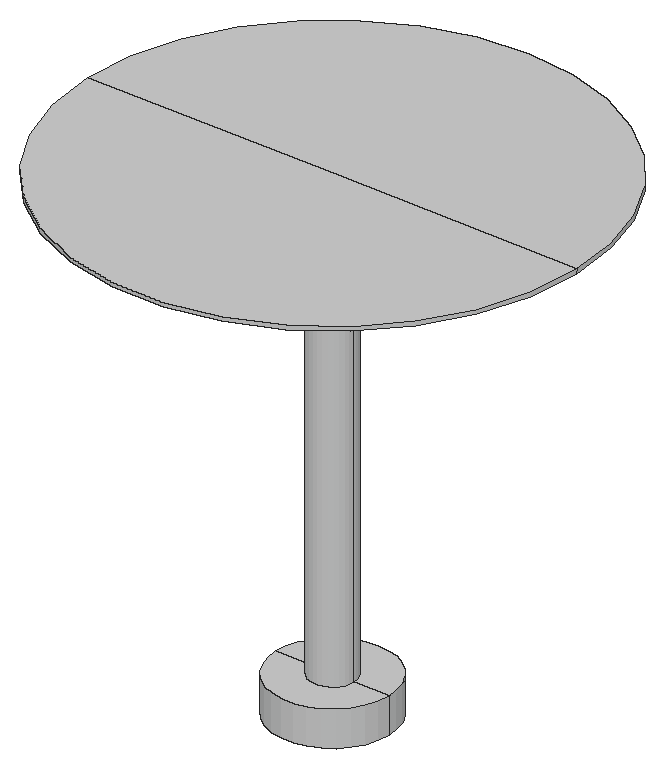
Revit family "Shower_Ceiling_Abey_BuildersShowers_Vertical_FaceBased", category Plumbing Fixtures, host Face, Revit 2022
Family settings
  Host = Face
  Round Connector Dimension = Use Diameter
  Part Type = Normal
  OmniClass Number = 23.31.17.00
  OmniClass Title = Showers
  Cut with Voids When Loaded = Yes
  Maintain Annotation Orientation = No
  Shared = No
  Room Calculation Point = No
Parameters (values of type "Chrome (1AB-SH + 1AB-VSA)")
  Waste Connection = no
  Vent Connection = no
  Uniclass2015Version = "Products v1.38"
  Uniclass2015Title = "Shower heads"
  Uniclass2015Code = "Pr_40_20_87_76"
  URL = "https://www.abey.com.au/"
  Type Comments = "Shower - Ceiling - Vertical - Chrome"
  ModifiedIssue = 20251103
  Model = "1AB-SH + 1AB-VSA"
  Material = Metal_Abey_Chrome
  ManufacturerURLProductSpecific = "https://www.abeyspecifier.com.au/product/abey-builders-shower-head-250mm/"
  ManufacturerSpecCode = Model  # "1AB-SH + 1AB-VSA"
  ManufacturerOverallWidth = 250 mm  # constant formula
  ManufacturerOverallHeight = 247 mm  # constant formula
  ManufacturerOverallDepth = 250 mm  # constant formula
  Manufacturer = "Abey"
  Keynote = ""
  IfcExportType = "SHOWER"
  IfcExportAs = "IfcSanitaryTerminal"
  HW Connection = yes
  Description = "Abey Builders 304 Stainless Steel Vertical Shower Head & Arm Chrome"
  Default Elevation = 0 mm
  CreatedByURL = "https://igsgroup.com.au"
  CreatedBy = "IGS BIM Solutions"  # constant formula
  Cost = 0
  CW Connection = yes
  Assembly Code = "D2010710"
Types (3, lengths in mm): name | Type Comments | Model | Material | ManufacturerURLProductSpecific | ManufacturerSpecCode | Description
  Chrome (1AB-SH + 1AB-VSA) | "Shower - Ceiling - Vertical - Chrome" | "1AB-SH + 1AB-VSA" | Metal_Abey_Chrome | "https://www.abeyspecifier.com.au/product/abey-builders-shower-head-250mm/" | "1AB-SH + 1AB-VSA" | "Abey Builders 304 Stainless Steel Vertical Shower Head & Arm Chrome"
  Black (1AB-SH-B + 1AB-VSA-B) | "Shower - Ceiling - Vertical - Black" | "1AB-SH-B + 1AB-VSA-B" | Metal_Abey_Black | "https://www.abeyspecifier.com.au/product/abey-builders-shower-head-250mm/?attribute_pa_finish=black" | "1AB-SH-B + 1AB-VSA-B" | "Abey Builders 304 Stainless Steel Vertical Shower Head & Arm Black"
  Brushed Nickel (1AB-SH-BN + 1AB-VSA-BN) | "Shower - Ceiling - Vertical - Brushed Nickel" | "1AB-SH-BN + 1AB-VSA-BN" | Metal_Abey_BrushedNickel | "https://www.abeyspecifier.com.au/product/abey-builders-shower-head-250mm/?attribute_pa_finish=brushed-nickel" | "1AB-SH-BN + 1AB-VSA-BN" | "Abey Builders 304 Stainless Steel Vertical Shower Head & Arm Brushed Nickel"
Reference planes
  plane 1 "Center (Front/Back)": y = -13
  plane 2 "Top": z = 0
  plane 3 "Center (Left/Right)": x = 18.07
  plane 4 "Front": y = -138
  plane 5 "Back": y = 112
  plane 6 "Left": x = -106.93
  plane 7 "Right": x = 143.07
  plane 8 "Bottom": z = 247
Forms (mm)
  Extrusion 1, void
    sketch origin (0, 0, 0) x (1, 0, 0) y (0, 1, 0)
      loop
        circle (18.07, -13) r 15
    from 0 to -30
Text (mm)
  text "Disclaimer:\nDue to ongoing product development and manufacturing evolution, product details are subject to change without notice. Please refer to product technical data sheets on the manufacturers website for the most current product information. Please allow a +/- 5mm manufacturing tolerance for dimensions and set-outs shown in product literature." at (242.879, 74.225, 0), in view "Ref. Level"
Dimensions and locks
  "ManufacturerOverallHeight": plane 8 "Bottom" to plane 2 "Top"
  "ManufacturerOverallWidth": plane 6 "Left" to plane 7 "Right"
  "ManufacturerOverallDepth": plane 4 "Front" to plane 5 "Back"
  equal spacing: plane 6 "Left", plane 3 "Center (Left/Right)", plane 7 "Right"
  equal spacing: plane 4 "Front", plane 1 "Center (Front/Back)", plane 5 "Back"
  aligned and locked: plane 2 "Top" to host face
  aligned and locked: level to host face
  aligned and locked: plane 3 "Center (Left/Right)" to nested 1
Automatic sketch dimensions
  host sketch curve to host sketch curve = 323.441 mm
  host sketch curve to host sketch curve = 306.574 mm
  plane 1 "Center (Front/Back)" to Extrusion 1 sketch curve = 0 mm
  Extrusion 1 sketch curve to plane 3 "Center (Left/Right)" = 0 mm
  radius of Extrusion 1 sketch curve = 15 mm
Nested families
  nested 1: "z_Shower_Ceiling_Abey_ShowerBuilders_Vertical" at (18.07, 27, 0) x (1, 0, 0) z (0, 0, -1), type "Type 1"
Connectors
  piping at (25.42, -13, -1), diameter 12.7, driven by "CW Connection"
    settings: on nested 1, index 1, connector inside diameter 24", connector length 0 mm, flow factor 0, pipe flow 0.00 L/s, pressure drop 0 kPa, fitting loss kfactor 0, connector angle 0.00°, fixture units 0, engagement length 0 mm, angle of deflection 0.00°, flow configuration 2, flow direction 1, fitting loss method 0, system type 20, joint type 0, gender type 0, connector reference index -1, connector utility 1, adjustable connector no, is connector primary yes, connector description "Cold Water Supply"
  piping at (10.72, -13, -1), diameter 12.7, driven by "HW Connection"
    settings: on nested 1, index 2, connector inside diameter 24", connector length 0 mm, flow factor 0, pipe flow 0.00 L/s, pressure drop 0 kPa, fitting loss kfactor 0, connector angle 0.00°, fixture units 0, engagement length 0 mm, angle of deflection 0.00°, flow configuration 2, flow direction 1, fitting loss method 0, system type 19, joint type 0, gender type 0, connector reference index -1, connector utility 1, adjustable connector no, is connector primary no, connector description "Hot Water Supply"
Definition of nested family "z_Shower_Ceiling_Abey_ShowerBuilders_Vertical"
  Parameters (values of type "Type 1")
    Waste Connection = no
    Vent Connection = no
    URL = "https://www.abey.com.au/"
    Type Comments = ""
    Model = ""
    HW Connection = yes
    Default Elevation = 0 mm
    CW Connection = yes
    Material = none
    ManufacturerOverallWidth = 250 mm  # constant formula
    ManufacturerOverallHeight = 247 mm  # constant formula
    ManufacturerOverallDepth = 250 mm  # constant formula
    Manufacturer = "Abey"
    Description = ""
    CreatedByURL = "https://igsgroup.com.au"
    CreatedBy = "IGS BIM Solutions"  # constant formula
    Assembly Code = "D2010710"
  Reference planes
    plane 1 "Center (Front/Back)": y = 40
    plane 2 "Ref. Level": z = 0
    plane 3 "Center (Left/Right)": x = 0
    plane 4 "Left": x = -125
    plane 5 "Right": x = 125
    plane 6 "Back": y = 165
    plane 7 "Front": y = -85
    plane 8 "Bottom": z = -247
    plane 9 "Top": z = 0
  Forms (mm)
    Revolve 1, solid, material <- "Material"
      sketch origin (0, 40, 0) x (1, 0, 0) y (0, 0, 1)
        loop
          line (0, -202) -> (0, -247) -> (125, -247) -> (125, -245) -> (109.779, -245) -> (97.439, -241.923)
          arc (97.439, -241.923) -> (95.877, -241.634) -> (94.292, -241.537) r 13.008
          line (94.292, -241.537) -> (17.756, -241.537) -> (17.756, -232.967)
          arc (17.756, -232.967) -> (17.407, -231.918) -> (16.5, -231.288) r 1.75
          line (16.5, -231.288) -> (16.5, -222) -> (12.153, -222)
          arc (12.153, -222) -> (9.439, -220.187) -> (10.076, -216.986) r 2.937
          line (10.076, -216.986) -> (11.5, -215.561) -> (11.5, -202) -> (0, -202)
        axis (0, -247) -> (0, -202)
      angle from 0 to 360
    Extrusion 2, void
      sketch origin (0, 0, 0) x (0, 1, 0) y (0, 0, 1)
        loop
          line (50.898, -202) -> (50.898, -209.847) -> (52.234, -209.847) -> (52.234, -202) -> (50.898, -202)
        loop
          line (29.102, -202) -> (27.766, -202) -> (27.766, -209.847) -> (29.102, -209.847) -> (29.102, -202)
      from -14.758 to 22.318
    Extrusion 3, void
      sketch origin (0, 0, 0) x (0, 1, 0) y (0, 0, 1)
        loop
          line (54.848, -220.889) -> (54.848, -228.737) -> (57.122, -228.737) -> (57.122, -220.889) -> (54.848, -220.889)
        loop
          line (25.152, -220.889) -> (22.878, -220.889) -> (22.878, -228.737) -> (25.152, -228.737) -> (25.152, -220.889)
      from -14.758 to 22.318
    Revolve 4, solid, material <- "Material"
      sketch origin (0, 40, 0) x (1, 0, 0) y (0, 0, 1)
        loop
          line (11, -18) -> (29, -18) -> (29, 0) -> (0, 0) -> (0, -202) -> (11, -202) -> (11, -18)
        axis (0, -202) -> (0, 0)
      angle from 0 to 360
    Extrusion 5, solid, material <- "Material"
      sketch origin (0, 0, 0) x (0, -1, 0) y (1, 0, 0)
        loop
          circle (-40, 7.35) r 6.35
        loop
          circle (-40, -7.35) r 6.35
      from 0 to 1
  Cuts and joins
    Extrusion 2, Extrusion 3 cuts Revolve 1
  Lines and regions (mm)
    Masking region 1
      outline origin (0, 0, 0) x (0, -1, 0) y (1, 0, 0)
        loop
          circle (-40, 0) r 125
    symbolic lines, detail levels medium+fine
      curve 1: circle (0, 40, 0) r 109.779 normal (0, 0, -1)
      curve 2: circle (0, 40, 0) r 29 normal (0, 0, 1)
  Dimensions and locks
    equal spacing: plane 4 "Left", plane 3 "Center (Left/Right)", plane 5 "Right"
    "ManufacturerOverallWidth": plane 4 "Left" to plane 5 "Right"
    equal spacing: plane 6 "Back", plane 1 "Center (Front/Back)", plane 7 "Front"
    "ManufacturerOverallDepth": plane 6 "Back" to plane 7 "Front"
    "ManufacturerOverallHeight": plane 9 "Top" to plane 8 "Bottom"
    aligned and locked: level to plane 2 "Ref. Level"
  Automatic sketch dimensions
    Revolve 1 sketch curve to plane 3 "Center (Left/Right)" = 0 mm  (x2)
    plane 5 "Right" to Revolve 1 sketch curve = 0 mm
    Revolve 1 sketch curve to plane 8 "Bottom" = 0 mm
    plane 3 "Center (Left/Right)" to Revolve 1 sketch curve = 10.076 mm
    plane 3 "Center (Left/Right)" to Revolve 1 sketch curve = 11.5 mm
    Revolve 1 sketch curve to Revolve 1 sketch curve = 2.077 mm
    Revolve 1 sketch curve to Revolve 1 sketch curve = 3.854 mm
    Revolve 1 sketch curve to Revolve 1 sketch curve = 4.347 mm
    Revolve 1 sketch curve to plane 8 "Bottom" = 5.463 mm
    Revolve 1 sketch curve to Revolve 1 sketch curve = 1.75 mm
    plane 8 "Bottom" to Revolve 1 sketch curve = 7.545 mm
    plane 5 "Right" to Revolve 1 sketch curve = 30.708 mm
    Revolve 1 sketch curve to plane 8 "Bottom" = 5.077 mm
    Revolve 1 sketch curve to plane 8 "Bottom" = 2 mm
    Revolve 1 sketch curve to Revolve 1 sketch curve = 12.34 mm
    Revolve 1 sketch curve to Revolve 1 sketch curve = 8.57 mm
    Revolve 1 sketch curve to Revolve 1 sketch curve = 9.288 mm
    Revolve 1 sketch curve to Revolve 1 sketch curve = 2.937 mm
    Revolve 1 sketch curve to Revolve 1 sketch curve = 1.424 mm
    Revolve 1 sketch curve to Revolve 1 sketch curve = 13.561 mm
    Revolve 1 sketch curve to Revolve 1 sketch curve = 0 mm
    Revolve 1 sketch curve to Revolve 1 sketch curve = 10 mm
    plane 1 "Center (Front/Back)" to Extrusion 2 sketch curve = 12.234 mm
    Extrusion 2 sketch curve to Extrusion 2 sketch curve = 1.337 mm  (x2)
    Extrusion 2 sketch curve to plane 1 "Center (Front/Back)" = 10.898 mm
    Extrusion 2 sketch curve to plane 8 "Bottom" = 37.153 mm
    Extrusion 2 sketch curve to Extrusion 2 sketch curve = 0 mm
    Extrusion 2 sketch curve to Extrusion 2 sketch curve = 7.847 mm  (x2)
    plane 1 "Center (Front/Back)" to Extrusion 3 sketch curve = 17.122 mm
    Extrusion 3 sketch curve to Extrusion 3 sketch curve = 2.274 mm  (x2)
    Extrusion 3 sketch curve to plane 1 "Center (Front/Back)" = 14.848 mm
    Extrusion 3 sketch curve to plane 8 "Bottom" = 18.263 mm  (x2)
    Extrusion 3 sketch curve to Extrusion 3 sketch curve = 7.847 mm  (x2)
    Revolve 4 sketch curve to plane 3 "Center (Left/Right)" = 0 mm  (x2)
    Revolve 4 sketch curve to level = 0 mm  (x2)
    Revolve 4 sketch curve to Revolve 4 sketch curve = 18 mm
    Revolve 4 sketch curve to level = 18 mm
    Revolve 4 sketch curve to plane 8 "Bottom" = 45 mm
    level to Revolve 4 sketch curve = 12.046 mm
    plane 3 "Center (Left/Right)" to Revolve 4 sketch curve = 11 mm
    plane 1 "Center (Front/Back)" to Extrusion 5 sketch curve = 0 mm  (x2)
    Extrusion 5 sketch curve to plane 3 "Center (Left/Right)" = 7.35 mm
    plane 3 "Center (Left/Right)" to Extrusion 5 sketch curve = 7.35 mm
    radius of Extrusion 5 sketch curve = 6.35 mm  (x2)
